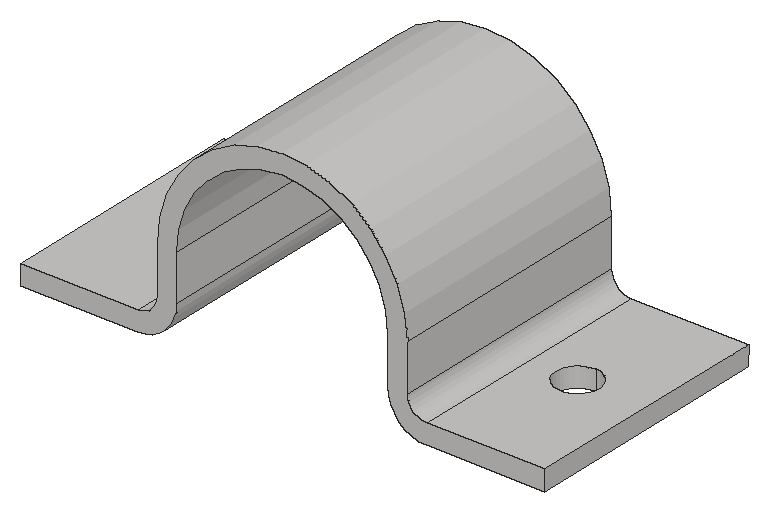
Revit family "Pipe-Strap-Atkore-Single-Piece-P2558-10", category Specialty Equipment, Revit 2012
Parameters (values of type "P2558-10")
  ecoScorecard_data = ""
  ecoScorecard Product Page = ""
  Unit = Metal - Aluminum - Atkore - Electro - Galvanized
  URL = "http://unistrut.us/index.php"
  Thickness = 3.20 mm
  Subcategory = "Pipe Strap"  # constant formula
  Product Page URL = ""
  Part Type = "Strap"  # constant formula
  Part Number = "P2558-10"
  Overall Width = 84.931 mm
  Overall Height = 34.131 mm
  Overall Depth = 41.275 mm
  Model = "P2558-10"  # constant formula
  Material = "Multiple Options - See Catalog"
  Manufacturer Toll Free Phone = "800-882-5543"  # constant formula
  Manufacturer Phone = "708-339-1610"  # constant formula
  Manufacturer Fax = "708-339-7814"  # constant formula
  Manufacturer Email = "mailto:questions@atkore.com"
  Manufacturer Address = "16100 South Lathrop Avenue, Harvey, IL 60426"  # constant formula
  Manufacturer = "Unistrut by Atkore International"  # constant formula
  Load Capacity Note = "Visit the product page for load application and capacity."  # constant formula
  Literature URL = ""
  Description = "Single Piece Pipe Strap"  # constant formula
  Cost Info = "mailto:questions@atkore.com"
  Construction Note = ""
  Conduit Size = 9.50 mm  # constant formula
  CSI MasterSpec = ""
  CAD URL = ""
  Assembly Code = "D5090300"
  95 CSI = "16070"  # constant formula
  04 CSI = "26 05 48"  # constant formula
Reference planes
  plane 1 "Center (Front/Back)": y = 0
  plane 2: z = 0
  plane 3 "Center (Left/Right)": x = 0
  plane 4: y = 20.637
  plane 5: y = -20.637
  plane 6: x = -42.466
  plane 7: x = 42.466
  plane 8: z = 34.131
  plane 9: x = -25.4
Dimensions and locks
  equal spacing: plane 4, plane 1 "Center (Front/Back)", plane 5
  "Overall Height": plane 8 to level
  "Overall Depth": plane 4 to plane 5
  "Overall Width": plane 6 to plane 7
  equal spacing: plane 6, plane 3 "Center (Left/Right)", plane 7
  plane 6 to plane 9 = 17.066 mm
  aligned and locked: level to plane 2
  aligned and locked: plane 3 "Center (Left/Right)" to nested 1
  aligned and locked: plane 1 "Center (Front/Back)" to nested 1
Nested families
  nested 1: "P2558-10" at (0, 0, 0), type "P2558-10"
Definition of nested family "P2558-10"
  Parameters (values of type "P2558-10")
    Unit = none
    Default Elevation = 0.00 mm
    C = 11.10 mm
    B = 7.10 mm
    A = 85.70 mm
  Reference planes
    plane 1 "Center (Front/Back)": y = 0
    plane 2: z = 0
    plane 3 "Center (Left/Right)": x = 0
    plane 4: y = -20.638
    plane 5: x = -42.466
    plane 6: x = 42.466
    plane 7: y = 20.637
    plane 8: z = 34.131
    plane 9: z = 3.2
  Forms (mm)
    Sweep 1, solid, material <- "Unit"
      path origin (0, 0, 0) x (1, 0, 0) y (0, 1, 0)
        loop
          line (0, 20.637) -> (0, -20.638)
      profile origin (0, 0, 0) x (1, 0, 0) y (0, 0, 1)
        loop
          arc (20.241, 13.891) -> (0, 34.131) -> (-20.241, 13.891) r 20.241
          line (-20.241, 13.891) -> (-20.241, 6.378)
          arc (-20.241, 6.378) -> (-21.171, 4.131) -> (-23.418, 3.2) r 3.178
          line (-23.418, 3.2) -> (-24.627, 3.2) -> (-24.627, 0) -> (-23.416, 0)
          arc (-23.416, 0) -> (-18.925, 1.86) -> (-17.066, 6.35) r 6.35
          line (-17.066, 6.35) -> (-17.066, 13.891)
          arc (-17.066, 13.891) -> (0, 30.956) -> (17.066, 13.891) r 17.066
          line (17.066, 13.891) -> (17.066, 6.35)
          arc (17.066, 6.35) -> (18.925, 1.86) -> (23.416, 0) r 6.35
          line (23.416, 0) -> (24.627, 0) -> (24.627, 3.2) -> (23.418, 3.2)
          arc (23.418, 3.2) -> (21.171, 4.131) -> (20.241, 6.378) r 3.178
          line (20.241, 6.378) -> (20.241, 13.891)
    Sweep 2, solid, material <- "Unit"
      path origin (0, 0, 0) x (1, 0, 0) y (0, 0, 1)
        loop
          line (-42.466, 3.2) -> (-42.466, 0)
      profile origin (-42.466, 0, 1.6) x (0, -1, 0) y (1, 0, 0)
        loop
          line (-20.638, 0) -> (20.637, 0) -> (20.637, 17.839) -> (-20.638, 17.839) -> (-20.638, 0)
        loop
          circle (0, 11.113) r 3.572
    Sweep 3, solid, material <- "Unit"
      path origin (0, 0, 0) x (-1, 0, 0) y (0, 0, 1)
        loop
          line (-42.466, 3.2) -> (-42.466, 0)
      profile origin (42.466, 0, 1.6) x (0, -1, 0) y (1, 0, 0)
        loop
          line (-20.638, 0) -> (-20.638, -17.839) -> (20.637, -17.839) -> (20.637, 0) -> (-20.638, 0)
        loop
          circle (0, -11.113) r 3.572
  Cuts and joins
    joined: Sweep 1, Sweep 2, Sweep 3
  Dimensions and locks
    equal spacing: plane 4, plane 1 "Center (Front/Back)", plane 7
    plane 9 to level = 3.20 mm
    aligned and locked: plane 2 to level
  Automatic sketch dimensions
    Sweep 1 sketch curve to plane 3 "Center (Left/Right)" = 0.00 mm
    Sweep 1 sketch curve to plane 4 = 0.00 mm
    plane 7 to Sweep 1 sketch curve = 0.00 mm
    Sweep 1 sketch curve to Sweep 1 sketch curve = 0.00 mm  (x2)
    Sweep 1 sketch curve to level = 0.00 mm  (x2)
    profile plane to Sweep 1 sketch curve = 0.00 mm
    Sweep 1 sketch curve to Sweep 1 sketch curve = 17.066 mm
    Sweep 1 sketch curve to Sweep 1 sketch curve = 3.175 mm  (x3)
    Sweep 1 sketch curve to Sweep 1 sketch curve = 0.003 mm  (x2)
    Sweep 1 sketch curve to Sweep 1 sketch curve = 1.208 mm
    Sweep 1 sketch curve to Sweep 1 sketch curve = 1.211 mm
    Sweep 1 sketch curve to Sweep 1 sketch curve = 3.15 mm  (x2)
    Sweep 1 sketch curve to Sweep 1 sketch curve = 7.541 mm
    Sweep 2 sketch curve to level = 0.00 mm
    Sweep 2 sketch curve to plane 5 = 0.00 mm
    Sweep 2 sketch curve to plane 9 = 0.00 mm
    Sweep 2 sketch curve to profile plane = 0.00 mm
    plane 1 "Center (Front/Back)" to Sweep 2 sketch curve = 0.00 mm
    Sweep 2 sketch curve to plane 1 "Center (Front/Back)" = 20.638 mm
    plane 1 "Center (Front/Back)" to Sweep 2 sketch curve = 20.637 mm
    Sweep 2 sketch curve to profile plane = 11.113 mm
    Sweep 2 sketch curve to Sweep 2 sketch curve = 17.839 mm
    Sweep 3 sketch curve to level = 0.00 mm
    Sweep 3 sketch curve to plane 6 = 0.00 mm
    Sweep 3 sketch curve to plane 9 = 0.00 mm
    Sweep 3 sketch curve to profile plane = 0.00 mm
    plane 1 "Center (Front/Back)" to Sweep 3 sketch curve = 0.00 mm
    Sweep 3 sketch curve to plane 1 "Center (Front/Back)" = 20.638 mm
    plane 1 "Center (Front/Back)" to Sweep 3 sketch curve = 20.637 mm
    profile plane to Sweep 3 sketch curve = 11.113 mm
    profile plane to Sweep 3 sketch curve = 17.839 mm
    radius of Sweep 2 sketch curve = 3.572 mm
    radius of Sweep 3 sketch curve = 3.572 mm
